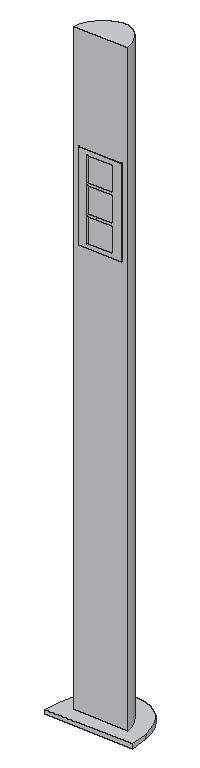
Revit family "Gira_134228", category Electrical Fixtures, host Face, Revit 2017
Family settings
  Host = Face
  Maintain Annotation Orientation = Yes
  Round Connector Dimension = Use Diameter
  Part Type = Normal
  Cut with Voids When Loaded = No
  Shared = No
  Room Calculation Point = No
Parameters (values of type "E-Säule Licht + 3x SCHUKO SH 769 mm Gira Energiesäule Anthrazit")
  Werkstoffgüte = "sonstige"
  Werkstoff = "sonstige"
  URL = "http://katalog.gira.de/de_DE/datenblatt.html?artikelnr=134228"
  Tiefe = "0.075 m"
  Schaltfunktion = "ohne"
  Region = "DE"
  Oberfläche = "sonstige"
  Name = "E-Säule Licht + 3x SCHUKO SH 769 mm Gira Energiesäule Anthrazit"
  Manufacturer URL = "https://www.gira.de/"
  Keynote = "Energiesäule_3fach"
  Höhe = "0.769 m"
  HeinzeBIM = "https://bimportal.heinze.de/bim/e-saeule-licht-3x-schuko-sh-769-mm-gira-energiesaeule-anthrazit/c846bcb2b9ba6979349cb83a501ac5e6c141c3db"
  Halogenfrei = "No"
  HAN = "134228"
  Geeignet für Schutzart (IP) = "IP44"
  GTIN = "4010337342281"
  Farbe = "anthrazit"
  Default Elevation = 1219.2 mm
  Data sheet (1) = "https://katalog.gira.de/de_DE/download.html?artikelnr=134228"
  Category = "Licht-/Energiesäule"
  Breite = "0.142 m"
  Available = "Yes"
  Ausführung der Oberfläche = "nicht zutreffend"
  Anzahl der Steckdosen = "2 "
Reference planes
  plane 1 "Center (Front/Back)": y = 0
  plane 2: z = 0
  plane 3 "Center (Left/Right)": x = 0
Forms (mm)
  Extrusion 1, solid, detail levels fine
    sketch origin (0, 0, 0) x (1, 0, 0) y (0, 1, 0)
      loop
        arc (-110.443, -35.525) -> (-113.205, -58.763) -> (-114.575, -82.125) r 391.9
        line (-114.575, -82.125) -> (114.575, -82.125)
        arc (114.575, -82.125) -> (113.205, -58.763) -> (110.443, -35.525) r 391.9
        spline (110.443, -35.525) -> (103.119, -6.392) -> (90.176, 19.976) -> (72.318, 42.142) -> (50.519, 58.899) -> (25.967, 69.333) -> (0, 72.875) -> (-25.967, 69.333) -> (-50.519, 58.899) -> (-72.318, 42.142) -> (-90.176, 19.976) -> (-103.119, -6.392) -> (-110.443, -35.525)
      loop
        circle (-21, -1.125) r 16
      loop
        circle (21, -1.125) r 16
    from 0 to 10
  Extrusion 2, solid, detail levels medium+fine
    sketch origin (0, 0, 0) x (1, 0, 0) y (0, 1, 0)
      loop
        line (-71.007, -44.768) -> (71.007, -44.768)
        spline (71.007, -44.768) -> (69.375, -35.583) -> (66.984, -26.66) -> (63.862, -18.098) -> (60.041, -9.991) -> (55.564, -2.426) -> (50.479, 4.513) -> (44.843, 10.75) -> (38.716, 16.217) -> (32.167, 20.856) -> (25.265, 24.614) -> (18.088, 27.45) -> (10.713, 29.335)
        spline (10.713, 29.335) -> (8.658, 29.684) -> (6.596, 29.958) -> (4.528, 30.159) -> (2.457, 30.284) -> (0.384, 30.336) -> (-1.69, 30.312) -> (-3.762, 30.214) -> (-5.831, 30.041) -> (-7.896, 29.794) -> (-9.953, 29.473) -> (-12.003, 29.077) -> (-14.042, 28.609)
        spline (-14.042, 28.609) -> (-21.069, 26.397) -> (-27.883, 23.314) -> (-34.414, 19.39) -> (-40.597, 14.666) -> (-46.369, 9.189) -> (-51.67, 3.014) -> (-56.449, -3.796) -> (-60.655, -11.171) -> (-64.247, -19.038) -> (-67.189, -27.316) -> (-69.45, -35.922) -> (-71.007, -44.768)
    from 10 to 1606
  Extrusion 3, solid, detail levels fine
    sketch origin (0, 0, 0) x (1, 0, 0) y (0, 0, 1)
      loop
        line (-56, 1332) -> (-56, 1101.5) -> (56, 1101.5) -> (56, 1332) -> (-56, 1332)
      loop
        line (33.5, 1321.55) -> (-33.5, 1321.55) -> (-33.5, 1254.55) -> (33.5, 1254.55) -> (33.5, 1321.55)
      loop
        line (33.5, 1250.25) -> (-33.5, 1250.25) -> (-33.5, 1183.25) -> (33.5, 1183.25) -> (33.5, 1250.25)
      loop
        line (33.5, 1178.95) -> (-33.5, 1178.95) -> (-33.5, 1111.95) -> (33.5, 1111.95) -> (33.5, 1178.95)
    from 44.768 to 47
  Extrusion 4, solid, detail levels coarse
    sketch origin (0, 0, 0) x (1, 0, 0) y (0, 1, 0)
      loop
        line (114.575, 72.875) -> (-114.575, 72.875) -> (-114.575, -82.125) -> (114.575, -82.125) -> (114.575, 72.875)
    from 0 to 1616
  Extrusion 5, solid, detail levels medium
    sketch origin (0, 0, 0) x (1, 0, 0) y (0, 1, 0)
      loop
        arc (-110.443, -35.525) -> (-113.205, -58.763) -> (-114.575, -82.125) r 391.9
        line (-114.575, -82.125) -> (114.575, -82.125)
        arc (114.575, -82.125) -> (113.205, -58.763) -> (110.443, -35.525) r 391.9
        spline (110.443, -35.525) -> (103.119, -6.392) -> (90.176, 19.976) -> (72.318, 42.142) -> (50.519, 58.899) -> (25.967, 69.333) -> (0, 72.875) -> (-25.967, 69.333) -> (-50.519, 58.899) -> (-72.318, 42.142) -> (-90.176, 19.976) -> (-103.119, -6.392) -> (-110.443, -35.525)
    from 0 to 10
Dimensions and locks
  aligned and locked: plane 2 to host face
  aligned and locked: level to host face
  aligned and locked: plane 3 "Center (Left/Right)" to nested 1
  aligned and locked: plane 1 "Center (Front/Back)" to nested 1
Nested families
  nested 1: "Steckdose 3-fach Beschriftung" at (0, 0, 0), type "Steckdose 3-fach Beschriftung"
Connectors
  electrical at (0, -4.625, 0)
    settings: on Extrusion 4, index 1, voltage 220 V, apparent load 0 VA, apparent load phase1 0 VA, apparent load phase2 0 VA, apparent load phase3 0 VA, power factor 1, load classification "Other", number of poles 1, system type 30, power factor state 1, is connector primary yes, connector utility no, sub classification motor no, connector description ""
Definition of nested family "Steckdose 3-fach Beschriftung"
  Reference planes
    plane 1: y = 0
    plane 2: x = 0
  Lines and regions (mm)
    detail lines
      curve 1: line (0, 0, 0) -> (0, 2, 0)
      curve 2: line (-1, 2, 0) -> (1, 2, 0)
      curve 4: arc (-1, 3, 0) -> (0, 2, 0) -> (1, 3, 0) r 1
      curve 6: line (1, 2, 0) -> (3, 2, 0)
      curve 7: arc (1, 3, 0) -> (2, 2, 0) -> (3, 3, 0) r 1
      curve 8: line (-3, 2, 0) -> (-1, 2, 0)
      curve 9: arc (-3, 3, 0) -> (-2, 2, 0) -> (-1, 3, 0) r 1
    reference lines
      curve 3: line (-1.485, 3, 0) -> (1.315, 3, 0)
      curve 5: line (0, 1, 0) -> (-1, 1, 0)
  Dimensions and locks
    curve 1 to curve 1 = 2 mm
    curve 2 to curve 2 = 2 mm
    plane 1 to curve 3 = 3 mm
